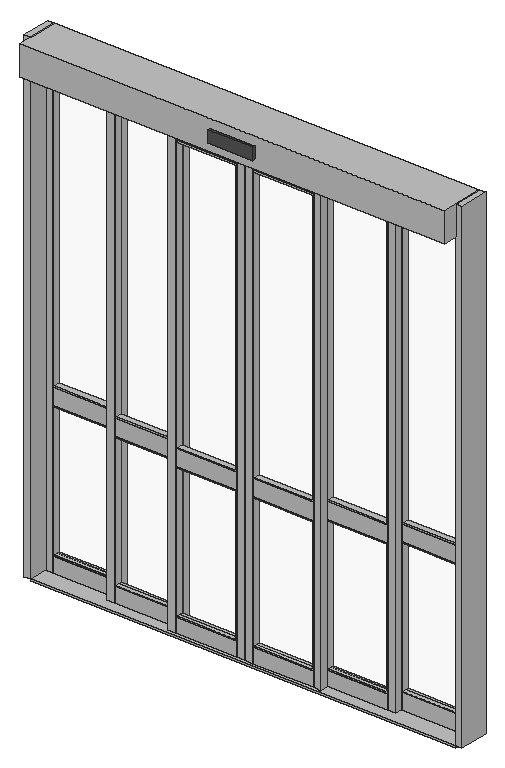
Revit family "Auto-Door_Sliding_BiPart_CurtainWall_Tormax_TX9430", category Doors, Revit 2026
Family settings
  Classification Number = 23.30.10.17.11
  Always vertical = Yes
  Cut with Voids When Loaded = No
  Shared = No
  Room Calculation Point = No
Parameters (values of type "Access Control Glass Sidelight with no Transom")
  headerdepth = if(HD Drive, 1' 1", 0' 11 5/8")  # 0' - 11 5/8"
  Water Penetration = "as Specified"
  Warranty Duration (Years) = 0
  VLT [instance] = 0
  Unit Width [instance] = 9' - 10 3/4"
  Unit Height [instance] = 11' - 0"
  URL = "http://www.tormaxusa.com/"
  U-Factor [instance] = 0
  Transom Height [instance] = 0' - 0"
  Thickness = Frame Thickness  # 0' - 8"
  Test Data = ""
  Structural Test Pressure = "N/A"
  Standards Conformance = "ANSI A156.10  ;  NFPA 101  ;  UL325  ;  C-UL"
  Specification = "http://www.arcat.com/sdspecs/htm/08463tor.htm"
  SpecWizard = ""
  Sensor Color [instance] = Metal - Tormax - Black
  Send Message = "http://www.arcat.com/users.pl?action=UserEmail&company=Tormax+Technologies,+Inc.&coid=43969&rep=108&fax=210-494-5930&mf="
  Sales Information = "http://www.tormaxusa.com/contact.php"
  SHGC [instance] = 0
  Revision = "R1_02-2014"
  ReportPackageWidth [instance] = 9' - 10.88605"
  ReportPackageHeight [instance] = 10' - 11 3/4"
  RO Width [instance] = Unit Width + (RO Spacing_Sides * 2)  # 9' - 11 1/4"
  RO Spacing_Top = 0' - 0 1/4"
  RO Spacing_Sides = 0' - 0 1/4"
  RO Height [instance] = Unit Height + (RO Spacing_Top)  # 11' - 0 1/4"
  Product Properties = ""
  Product Page URL = ""
  Product Data = "http://www.arcat.com/arcatcos/cos43/arc43969.html"
  Panel Width [instance] = (Unit Width - 0' 4 1/2" + 0' 10 1/2") / 6  # 1' - 8.79167"
  Panel Thickness = 0' - 1 3/4"  # constant formula
  Operating Temperature Range = "Ambient -30F to 130F"
  Miami Dade Conformance = "Does Not Apply"
  Max Width [instance] = 16' - 0"
  Max Height [instance] = 8' - 8"
  Include Transom = no
  Has Full Breakout Capability = yes
  HD Drive = no
  Glazing Tint [instance] = Glass - Tormax - Glazing as Specified
  Glazing Thickness_Transom [instance] = 0' - 0 1/4"
  Glazing Thickness_Sliding Panel [instance] = 0' - 0 1/4"
  Glazing Thickness_Fixed Panel [instance] = 0' - 0 1/4"
  Glazing Stop Width = 0' - 0 1/4"  # constant formula
  Frame Thickness = 0' - 8"  # constant formula
  Frame Finish [instance] = Metal - Tormax - Aluminum Finished as Specified
  Fixed Panel Material [instance] = Glass - Tormax - Glazing as Specified
  Egress Width [instance] = Unit Width - 1' 5 1/4"  # 8' - 5 1/2"
  Door Threshold [instance] = 9430BP : Recessed Threshold
  Door Stile_Operable Leaf_Wide [instance] = not(Door Stile_Operable Leaf_Narrow)  # no
  Door Stile_Operable Leaf_Narrow [instance] = yes
  Door Stile_Fixed Leaf_Wide [instance] = not(Door Stile_Fixed Leaf_Narrow)  # no
  Door Stile_Fixed Leaf_Narrow [instance] = yes
  Door Stile Width_Operable Leaf [instance] = if(Door Stile_Operable Leaf_Narrow, 0' 2 1/8", 0' 5 1/2")  # 0' - 2 1/8"
  Door Stile Width_Fixed Leaf [instance] = if(Door Stile_Fixed Leaf_Narrow, 0' 2 1/8", 0' 5 1/2")  # 0' - 2 1/8"
  Door Bottom Rail_Tall [instance] = not(Door Bottom Rail_Standard)  # no
  Door Bottom Rail_Standard [instance] = yes
  Door Bottom Rail Height [instance] = if(Door Bottom Rail_Standard, 0' 4", 0' 10")  # 0' - 4"
  Define Thermal Properties by = Schematic Type
  Clear Door Opening Width [instance] = Unit Width - 0' 4 3/8" - (Panel Width * 2) - 1' 2 1/2"  # 4' - 10.29167"
  Clear Door Opening Height [instance] = Unit Height - Transom Height - 0' 8" - 0' 2 7/8"  # 10' - 1 1/8"
  CL Adjustment Location [instance] = 0' - 0"
  Model = "TX9430AC as Specified"
  Manufacturer Website = "http://www.tormaxusa.com/"
  Manufacturer Phone - Toll Free = "888-685-3707"
  Manufacturer Phone = "210-494-3551"
  Manufacturer Fax = "210-494-5930"
  Manufacturer Address = "12859 Wetmore Rd. San Antonio, TX 78247"
  Manufacturer = "TORMAX USA Inc."
  Maintenance Schedule (Months) = 0
  Keynote = "08463"
  Installation-Fabrication = ""
  Installation Phase = ""
  Green Building-LEED = "http://www.arcat.com/green/clients/leed_data_43969.html"
  Function = Interior
  Expected Lifespan (Years) = 0
  Drawn By = "Sumex Design, Inc. / Robert S. Weygant, CSI, CDT, SCIP"
  Description = "Tormax Automatic Sliding BiPart Door - Telescoping Access Controlled TX9430AC as Specified"
  Copyright = "©Arcat Inc."
  Construction Details = "http://www.arcat.com/details/tormax/tormax.html?coid=43969"
  CAD Details = ""
  Breakout Angle [instance] = 45.00°
  Backset from Panel CL [instance] = 0' - 0"
  Available Options = "[Standard Weatherstripping][Clean Room Seals][Electric Lock][Battery Backup][Door Position Monitoring][I/O Module][Key Switch]"
  Assembly Code = "B2030110"
  Analytic Construction = "<None>"
  Air Infiltration = "N/A"
  Access Control = yes
Types (8): name | headerdepth | Transom Height | Include Transom | HD Drive | Clear Door Opening Height | Model | Description | Access Control
  HD Access Control Glass Sidelight with no Transom | 1' - 1" | 0' - 0" | no | yes | 10' - 1 1/8" | "TX9430HDAC as Specified" | "Tormax HD Automatic Sliding BiPart Door - Telescoping Access Controlled TX9430HDAC as Specified" | yes
  HD Access Control Glass Sidelight with Transom | 1' - 1" | 3' - 4" | yes | yes | 6' - 9 1/8" | "TX9430HDAC as Specified" | "Tormax HD Automatic Sliding BiPart Door - Telescoping Access Controlled TX9430HDAC as Specified" | yes
  HD Glass Sidelight with no Transom | 1' - 1" | 0' - 0" | no | yes | 10' - 1 1/8" | "TX9430HD as Specified" | "Tormax HD Automatic Sliding BiPart Door - Telescoping TX9430HD as Specified" | no
  HD Glass Sidelight with Transom | 1' - 1" | 3' - 4" | yes | yes | 6' - 9 1/8" | "TX9430HD as Specified" | "Tormax HD Automatic Sliding BiPart Door - Telescoping TX9430HD as Specified" | no
  Access Control Glass Sidelight with no Transom | 0' - 11 5/8" | 0' - 0" | no | no | 10' - 1 1/8" | "TX9430AC as Specified" | "Tormax Automatic Sliding BiPart Door - Telescoping Access Controlled TX9430AC as Specified" | yes
  Access Control Glass Sidelight with Transom | 0' - 11 5/8" | 3' - 4" | yes | no | 6' - 9 1/8" | "TX9430AC as Specified" | "Tormax Automatic Sliding BiPart Door - Telescoping Access Controlled TX9430AC as Specified" | yes
  Glass Sidelight with no Transom | 0' - 11 5/8" | 0' - 0" | no | no | 10' - 1 1/8" | "TX9430 as Specified" | "Tormax Automatic Sliding BiPart Door - Telescoping TX9430 as Specified" | no
  Glass Sidelight with Transom | 0' - 11 5/8" | 3' - 4" | yes | no | 6' - 9 1/8" | "TX9430 as Specified" | "Tormax Automatic Sliding BiPart Door - Telescoping TX9430 as Specified" | no
Reference planes (in)
  plane 1 "Center (Front/Back": y = 0
  plane 2: z = 0
  plane 3 "Center (Left/Right)": x = -2.55803
  plane 4 "Left": x = -62.25106
  plane 5 "Right": x = 57.13499
  plane 6 "Top": z = 131.75
  plane 7: y = 0
  plane 8 "Frame CL": y = 0
  plane 9: y = 4
  plane 10: y = -4
  plane 11: x = -62.00106
  plane 12: x = 56.88499
  plane 13: z = 132
  plane 14: z = 131.75
Text (in)
  text "Exterior" at (-65.12119, 31.38743, 0), in view "Plan"
Dimensions and locks (in)
  equal spacing: plane 4 "Left", plane 3 "Center (Left/Right)", plane 5 "Right"
  "CL Adjustment Location": plane 1 "Center (Front/Back" to plane 7
  "Backset from Panel CL": plane 7 to plane 8 "Frame CL"
  equal spacing: plane 9, plane 8 "Frame CL", plane 10
  locked: plane 9 to plane 10 at 8
  "RO Spacing_Sides": plane 4 "Left" to plane 11
  "RO Spacing_Sides": plane 12 to plane 5 "Right"
  "RO Spacing_Top": plane 13 to plane 6 "Top"
  "ReportPackageWidth": plane 11 to plane 12
  "ReportPackageHeight": plane 6 "Top" to level
  "Transom Height": plane 6 "Top" to plane 14
  aligned and locked: nested 1 to plane 3 "Center (Left/Right)"
Nested families (in)
  nested 1: "9430BP" at (-2.55803, 0, 66) x (-1, 0, 0) z (0, 1, 0), include transom <- "Include Transom", breakout <- "Has Full Breakout Capability", accesscontrol <- "Access Control", breakout angle <- "Breakout Angle", doodad finish <- "Sensor Color", fixed glazing thickness <- "Glazing Thickness_Fixed Panel", glazing stop width <- "Glazing Stop Width", Unit Width <- "ReportPackageWidth", Unit Height <- "ReportPackageHeight", transom glazing <- "Glazing Tint", sliding panel glazing <- "Glazing Tint", fixed panel glazing <- "Fixed Panel Material", frame finish <- "Frame Finish", transom height <- "Transom Height", transom glass thickness <- "Glazing Thickness_Transom", stile width_operable <- "Door Stile Width_Operable Leaf", stile width_fixed <- "Door Stile Width_Fixed Leaf", sliding glazing thickness <- "Glazing Thickness_Sliding Panel", bottom rail height <- "Door Bottom Rail Height", type <- "Door Threshold", headerdepth <- "headerdepth", type "Recessed Threshold"
    with twothirdwidth 3' - 3.04535", transom height 0' - 0", transom glazing Glass - Tormax - Glazing as Specified, transom glass thickness 0' - 0 1/4", stormimpact no, stile width_operable 0' - 2 1/8", stile width_fixed 0' - 2 1/8", sliding panel glazing Glass - Tormax - Glazing as Specified, sliding glazing thickness 0' - 0 1/4", panelheightb 10' - 3 3/4", panelheighta 10' - 3 7/16", panel width 1' - 8.81434", panel thickness 0' - 1 3/4", nonimpact yes, locatepanelfromright 0' - 0", locatepanelfromleft 0' - 0", include transom no, headerdepth 0' - 11 5/8", glazing stop width 0' - 0 1/4", frame finish Metal - Tormax - Aluminum Finished as Specified, fixed panel glazing Glass - Tormax - Glazing as Specified, fixed glazing thickness 0' - 0 1/4", doodad finish Metal - Tormax - Black, center rail width 0' - 4 1/2", breakout angle 45.00°, breakout yes, bottom rail height 0' - 4", air space 0' - 0 5/16", accesscontrol yes, Unit Width 9' - 10.88605", Unit Height 10' - 11 3/4"
Definition of nested family "9430BP"
  Parameters (values of type "Partial Recessed Threshold")
    twothirdwidth [instance] = ((Unit Width - 0' 1 3/4") / 6) * 2  # 3' - 3.41667"
    transom height [instance] = 3' - 4 3/16"
    transom glazing [instance] = none
    transom glass thickness [instance] = 0' - 1"
    surface threshold = yes
    stormimpact [instance] = not(nonimpact)  # no
    stile width_operable [instance] = 0' - 2 1/8"
    panelheightb [instance] = Unit Height - transom height - 0' 8" - (air space - 0' 0 5/16")  # 6' - 11 5/16"
    panelheighta [instance] = Unit Height - transom height - 0' 8" - air space  # 6' - 11"
    nonimpact [instance] = yes
    stile width_fixed [instance] = 0' - 2 1/8"
    sliding panel glazing [instance] = none
    panel width [instance] = (Unit Width - 0' 4 1/2" + 0' 10 1/2") / 6  # 1' - 9"
    panel thickness [instance] = 0' - 1 3/4"
    locatepanelfromright [instance] = 0' - 0"  # constant formula
    locatepanelfromleft [instance] = 0' - 0"  # constant formula
    include transom [instance] = yes
    sliding glazing thickness [instance] = 0' - 0 1/2"
    headerdepth [instance] = 0' - 9 3/4"
    glazing stop width [instance] = 0' - 0 1/4"
    frame finish [instance] = none
    fixed panel glazing [instance] = none
    fixed glazing thickness [instance] = 0' - 0 1/4"
    doodad finish [instance] = none
    center rail width [instance] = if(accesscontrol, 0' 4 1/2", 0' 1 3/4")  # 0' - 4 1/2"
    breakout angle [instance] = 45.00°
    breakout [instance] = yes
    bottom rail height [instance] = 0' - 4"
    air space [instance] = if(surface threshold, 0' 0 13/16", 0' 0 5/16")  # 0' - 0 13/16"
    accesscontrol [instance] = yes
    Warranty Duration (Years) = 0
    Unit Width [instance] = 10' - 0"
    Unit Height [instance] = 11' - 0"
    Unit Depth = 2' - 8"
    URL = ""
    Threshold_recessed = no
    Threshold_partial recess = yes
    Threshold_double bevel = no
    Threshold_bevel interior = no
    Threshold_bevel exterior = no
    Thickness = 0' - 2 1/8"
    Specification = ""
    SpecWizard = ""
    Send Message = ""
    Sales Information = ""
    Revision = "R1_01-2014"
    Product Properties = ""
    Product Data = ""
    Model = "As Specified"
    Manufacturer Website = ""
    Manufacturer Phone - Toll Free = ""
    Manufacturer Phone = ""
    Manufacturer Fax = ""
    Manufacturer Address = ""
    Manufacturer = ""
    Maintenance Schedule (Months) = 0
    Keynote = ""
    Installation-Fabrication = ""
    Installation Phase = ""
    Green Building-LEED = ""
    Expected Lifespan (Years) = 0
    Drawn By = "Sumex Design, Inc. / Robert S. Weygant, CSI, CDT, SCIP"
    Description = ""
    Define Thermal Properties by = 1
    Default Elevation = 0' - 0"
    Copyright = "©Arcat Inc."
    Construction Details = ""
    Assembly Code = ""
    Analytic Construction = "<None>"
  Types (6): name | twothirdwidth | surface threshold | stormimpact | panelheightb | panelheighta | nonimpact | panel width | headerdepth | air space | Unit Width | Threshold_recessed | Threshold_partial recess | Threshold_double bevel | Threshold_bevel interior | Threshold_bevel exterior
    No Threshold | 3' - 3.41667" | yes | no | 6' - 11 5/16" | 6' - 11" | yes | 1' - 9" | 0' - 9 3/4" | 0' - 0 13/16" | 10' - 0" | no | no | no | no | no
    Recessed Threshold | 2' - 3.41667" | no | yes | 6' - 11 13/16" | 6' - 11 1/2" | no | 1' - 3" | 0' - 8" | 0' - 0 5/16" | 7' - 0" | yes | no | no | no | no
    Bevel to Exterior Threshold | 2' - 3.41667" | yes | yes | 6' - 11 5/16" | 6' - 11" | no | 1' - 3" | 0' - 8" | 0' - 0 13/16" | 7' - 0" | no | no | no | no | yes
    Bevel to Interior Threshold | 2' - 3.41667" | yes | yes | 6' - 11 5/16" | 6' - 11" | no | 1' - 3" | 0' - 8" | 0' - 0 13/16" | 7' - 0" | no | no | no | yes | no
    Double Bevel Threshold | 2' - 3.41667" | yes | yes | 6' - 11 5/16" | 6' - 11" | no | 1' - 3" | 0' - 8" | 0' - 0 13/16" | 7' - 0" | no | no | yes | no | no
    Partial Recessed Threshold | 3' - 3.41667" | yes | no | 6' - 11 5/16" | 6' - 11" | yes | 1' - 9" | 0' - 9 3/4" | 0' - 0 13/16" | 10' - 0" | no | yes | no | no | no
  Reference planes (in)
    plane 1 "Center (Front/Back)": y = 0
    plane 2 "Bottom": z = 0
    plane 3 "Center (Left/Right)": x = 0
    plane 4 "FF": y = -66
    plane 5 "Top": y = 66
    plane 6 "Left": x = -60
    plane 7 "Right": x = 60
    plane 8: y = 25.8125
    plane 9: z = 0.5
    plane 10: z = -0.5
    plane 11: x = -58.25
    plane 12: x = 58.25
    plane 13: y = -65.1875
    plane 14: z = 4
    plane 15: x = 58.25
    plane 16: y = 17.8125
    plane 17: y = -65.5
    plane 18: z = -4
    plane 19: x = -37.25
    plane 20: x = 37.25
    plane 21: x = -21
    plane 22: x = 21
    plane 23: x = -29.125
    plane 24: x = 29.125
    plane 25: z = -0.5
    plane 26: z = -3.5
    plane 27: z = -1.25
    plane 28: z = 1
    plane 29: z = -5.75
    plane 30: x = -18.83333
    plane 31: x = 18.83333
  Forms (in)
    Extrusion 1, solid, material <- "frame finish"
      sketch origin (0, 0, 0) x (1, 0, 0) y (0, 0, 1)
        loop
          line (-60, -4) -> (-58.25, -4) -> (-58.25, 4) -> (-60, 4) -> (-60, -4)
        loop
          line (58.25, -4) -> (60, -4) -> (60, 4) -> (58.25, 4) -> (58.25, -4)
      from -66 to 66
    Extrusion 2, solid, material <- "frame finish", visible <- "include transom"
      sketch origin (0, 0, 0) x (0, 1, 0) y (0, 0, 1)
        loop
          line (66, 4) -> (64.1875, 4) -> (64.1875, -4) -> (66, -4) -> (66, 4)
      from -58.25 to 58.25
    Extrusion 3, solid, material <- "frame finish"
      sketch origin (0, 0, 0) x (0, 1, 0) y (0, 0, 1)
        loop
          line (25.8125, -5.75) -> (25.8125, 4) -> (17.8125, 4) -> (17.8125, -5.75) -> (25.8125, -5.75)
      from -58.25 to 58.25
    Extrusion 4, solid, material <- "transom glazing", visible <- "include transom"
      sketch origin (0, 0, 0) x (0, 1, 0) y (0, 0, 1)
        loop
          line (25.8125, -0.5) -> (64.1875, -0.5) -> (64.1875, 0.5) -> (25.8125, 0.5) -> (25.8125, -0.5)
      from -58.25 to 58.25
    Sweep 5, solid, material <- "frame finish", visible <- "include transom"
      path origin (0, 0, 0) x (1, 0, 0) y (0, 1, 0)
        loop
          line (-58.25, 64.1875) -> (-58.25, 25.8125) -> (58.25, 25.8125) -> (58.25, 64.1875) -> (-58.25, 64.1875)
      profile origin (0, 64.1875, 0) x (0, 1, 0) y (0, 0, 1)
        loop
          line (0, 0.5) -> (0, 0.5625) -> (-0.75, 0.5625) -> (-0.75, 0.5) -> (0, 0.5)
        loop
          line (0, -0.5) -> (-0.75, -0.5) -> (-0.75, -0.75) -> (0, -0.75) -> (0, -0.5)
    Extrusion 6, solid, material <- "frame finish", visible <- "Threshold_recessed"
      sketch origin (0, 0, 0) x (0, 1, 0) y (0, 0, 1)
        loop
          line (-66, 4) -> (-66.5, 4) -> (-66.5, -4) -> (-66, -4) -> (-66, 4)
      from -58.25 to 58.25
    Extrusion 7, solid, material <- "frame finish", visible <- "Threshold_bevel exterior"
      sketch origin (0, 0, 0) x (0, 1, 0) y (0, 0, 1)
        loop
          line (-66, -4) -> (-65.5, -4) -> (-65.5, 4) -> (-66, 5) -> (-66, -4)
      from -58.25 to 58.25
    Extrusion 8, solid, material <- "frame finish", visible <- "Threshold_bevel interior"
      sketch origin (0, 0, 0) x (0, 1, 0) y (0, 0, 1)
        loop
          line (-65.5, -4) -> (-65.5, 4) -> (-66, 4) -> (-66, -5) -> (-65.5, -4)
      from -58.25 to 58.25
    Extrusion 9, solid, material <- "frame finish", visible <- "Threshold_double bevel"
      sketch origin (0, 0, 0) x (0, 1, 0) y (0, 0, 1)
        loop
          line (-66, 5) -> (-66, -5) -> (-65.5, -4) -> (-65.5, 4) -> (-66, 5)
      from -58.25 to 58.25
    Extrusion 10, solid, material <- "doodad finish"
      sketch origin (0, 0, 0) x (0, 1, 0) y (0, 0, 1)
        loop
          line (23.4375, 4) -> (23.4375, 4.75) -> (20.1875, 4.75) -> (20.1875, 4) -> (23.4375, 4)
        loop
          line (23.4375, -6.5) -> (23.4375, -5.75) -> (20.1875, -5.75) -> (20.1875, -6.5) -> (23.4375, -6.5)
      from -6 to 6
    Extrusion 11, solid, material <- "frame finish", visible <- "Threshold_partial recess"
      sketch origin (0, 0, 0) x (0, 1, 0) y (0, 0, 1)
        loop
          line (-66, 4) -> (-66.5, 4) -> (-66.5, -4) -> (-66, -4) -> (-66, 4)
      from 18.83333 to 58.25
    Extrusion 12, solid, material <- "frame finish", visible <- "Threshold_partial recess"
      sketch origin (0, 0, 0) x (0, 1, 0) y (0, 0, -1)
        loop
          line (-66, -4) -> (-66, 4) -> (-66.5, 4) -> (-66.5, -4) -> (-66, -4)
      from 18.83333 to 58.25
    Extrusion 13, solid, material <- "frame finish", visible <- "include transom"
      sketch origin (0, 0, 0) x (0, 1, 0) y (0, 0, 1)
        loop
          line (25.8125, 4) -> (25.8125, -4) -> (64.1875, -4) -> (64.1875, 4) -> (25.8125, 4)
      from 0.875 to -0.875
  Cuts and joins
    joined: Extrusion 2, Extrusion 13
  Dimensions and locks (in)
    "Unit Width": plane 6 "Left" to plane 7 "Right"
    equal spacing: plane 5 "Top", plane 1 "Center (Front/Back)", plane 4 "FF"
    "Unit Height": plane 5 "Top" to plane 4 "FF"
    "transom height": plane 5 "Top" to plane 8
    locked: Extrusion 2 sketch curve to plane 5 "Top" at 1.8125
    equal spacing: plane 10, level, plane 9
    "transom glass thickness": plane 10 to plane 9
    locked: Extrusion 4 sketch curve to plane 5 "Top" at 1.8125
    locked: plane 6 "Left" to Sweep 5 sketch curve at 1.75
    locked: Sweep 5 sketch curve to plane 7 "Right" at 1.75
    locked: plane 5 "Top" to Sweep 5 sketch curve at 1.8125
    locked: plane 9 to Sweep 5 sketch curve at 0.0625
    Sweep 5 sketch curve to Sweep 5 sketch curve to plane 5 "Top" = 0' - 0 3/4" locked, 0' - 1 13/16" locked  (x2)
    locked: Sweep 5 sketch curve to plane 10 at 0.25
    locked: plane 12 to plane 7 "Right" at 1.75
    locked: plane 6 "Left" to plane 11 at 1.75
    "air space": plane 13 to plane 4 "FF"
    locked: plane 16 to plane 8 at 8
    locked: plane 14 to level at 4
    Extrusion 1 sketch curve to level to Extrusion 1 sketch curve = 0' - 4" locked, 0' - 4" locked  (x2)
    Extrusion 6 sketch curve to level to Extrusion 6 sketch curve = 0' - 4" locked, 0' - 4" locked
    locked: Extrusion 6 sketch curve to plane 4 "FF" at 0.5
    Extrusion 7 sketch curve to level to Extrusion 7 sketch curve to Extrusion 7 sketch curve = 0' - 4" locked, 0' - 4" locked, 0' - 1" locked
    Extrusion 8 sketch curve to Extrusion 8 sketch curve to level to Extrusion 8 sketch curve = 0' - 1" locked, 0' - 4" locked, 0' - 4" locked
    Extrusion 9 sketch curve to Extrusion 9 sketch curve to level to Extrusion 9 sketch curve to Extrusion 9 sketch curve = 0' - 1" locked, 0' - 4" locked, 0' - 4" locked, 0' - 1" locked
    locked: plane 4 "FF" to Extrusion 9 sketch curve at 0.5
    locked: plane 4 "FF" to Extrusion 7 sketch curve at 0.5
    locked: plane 4 "FF" to Extrusion 8 sketch curve at 0.5
    locked: plane 16 to Extrusion 10 sketch curve at 2.375  (x2)
    locked: Extrusion 10 sketch curve to plane 8 at 2.375  (x2)
    locked: plane 12 to plane 15
    locked: level to plane 18 at 4
    locked: plane 13 to plane 17 at 0.3125
    "panel width": plane 11 to plane 19
    "panel width": plane 15 to plane 20
    equal spacing: plane 7 "Right", plane 3 "Center (Left/Right)", plane 6 "Left"
    "panel width": plane 3 "Center (Left/Right)" to plane 21
    "panel width": plane 22 to plane 3 "Center (Left/Right)"
    equal spacing: plane 21, plane 23, plane 19
    equal spacing: plane 20, plane 24, plane 22
    locked: plane 26 to plane 18 at 0.5
    locked: plane 27 to plane 18 at 2.75
    locked: plane 28 to plane 18 at 5
    "headerdepth": plane 14 to plane 29
    locked: Extrusion 10 sketch curve to plane 14 at 0.75
    locked: plane 29 to Extrusion 10 sketch curve at 0.75
    "twothirdwidth": plane 15 to plane 31
    "twothirdwidth": plane 11 to plane 30
    Extrusion 11 sketch curve to level to Extrusion 11 sketch curve = 0' - 4" locked, 0' - 4" locked
    locked: Extrusion 11 sketch curve to plane 4 "FF" at 0.5
    Extrusion 12 sketch curve to level to Extrusion 12 sketch curve = 0' - 4" locked, 0' - 4" locked
    locked: Extrusion 12 sketch curve to plane 4 "FF" at 0.5
    locked: Extrusion 13 sketch curve to plane 5 "Top" at 1.8125
    aligned and locked: Extrusion 1 to plane 5 "Top"
    aligned and locked: Extrusion 1 to plane 4 "FF"
    aligned and locked: plane 5 "Top" to Extrusion 2 sketch curve
    aligned and locked: plane 8 to Extrusion 4 sketch curve
    aligned and locked: Sweep 5 sketch curve to plane 8
    aligned and locked: plane 9 to Sweep 5 sketch curve
    aligned and locked: plane 10 to Sweep 5 sketch curve
    aligned and locked: plane 11 to Extrusion 1 sketch curve
    aligned and locked: plane 12 to Extrusion 1 sketch curve
    aligned and locked: Extrusion 1 sketch curve to plane 7 "Right"
    aligned and locked: plane 6 "Left" to Extrusion 1 sketch curve
    aligned and locked: Extrusion 2 to plane 11
    aligned and locked: Extrusion 4 to plane 11
    aligned and locked: plane 12 to Extrusion 4
    aligned and locked: plane 12 to Extrusion 2
    aligned and locked: plane 12 to Extrusion 3
    aligned and locked: Extrusion 3 to plane 11
    aligned and locked: plane 4 "FF" to Extrusion 6 sketch curve
    aligned and locked: Extrusion 9 sketch curve to plane 4 "FF"
    aligned and locked: plane 4 "FF" to Extrusion 7 sketch curve
    aligned and locked: plane 4 "FF" to Extrusion 8 sketch curve
    aligned and locked: plane 15 to Extrusion 7
    aligned and locked: plane 15 to Extrusion 9
    aligned and locked: plane 15 to Extrusion 8
    aligned and locked: plane 15 to Extrusion 6
    aligned and locked: plane 11 to Extrusion 9
    aligned and locked: plane 11 to Extrusion 7
    aligned and locked: plane 11 to Extrusion 8
    aligned and locked: plane 11 to Extrusion 6
    aligned and locked: nested 2 to plane 13
    aligned and locked: plane 13 to nested 1
    aligned and locked: nested 3 to plane 17
    aligned: plane 15 to nested 3
    aligned and locked: nested 1 to plane 3 "Center (Left/Right)"
    aligned and locked: nested 2 to plane 3 "Center (Left/Right)"
    aligned and locked: plane 16 to Extrusion 3 sketch curve
    aligned: plane 25 to nested 4
    aligned and locked: plane 23 to nested 4
    aligned and locked: plane 24 to nested 5
    aligned: nested 5 to plane 25
    aligned and locked: nested 5 to plane 13
    aligned and locked: nested 4 to plane 13
    aligned and locked: plane 15 to nested 3
    aligned and locked: nested 6 to plane 11
    aligned and locked: nested 6 to plane 17
    aligned and locked: plane 28 to nested 6
    aligned and locked: plane 26 to nested 2
    aligned and locked: nested 1 to plane 26
    aligned and locked: plane 27 to nested 4
    aligned and locked: nested 5 to plane 27
    aligned and locked: nested 3 to plane 28
    aligned and locked: plane 14 to Extrusion 3 sketch curve
    aligned and locked: plane 14 to Extrusion 10 sketch curve
    aligned and locked: Extrusion 10 sketch curve to plane 29
    aligned and locked: plane 4 "FF" to Extrusion 11 sketch curve
    aligned and locked: plane 12 to Extrusion 11
    aligned and locked: Extrusion 11 to plane 31
    aligned and locked: plane 4 "FF" to Extrusion 12 sketch curve
    aligned and locked: plane 8 to Extrusion 13 sketch curve
    aligned and locked: Extrusion 13 sketch curve to plane 18
  Automatic sketch dimensions
    plane 18 to Extrusion 2 sketch curve = 0' - 0"
    Extrusion 2 sketch curve to plane 14 = 0' - 0"
    Extrusion 3 sketch curve to plane 8 = 0' - 0"
    Extrusion 3 sketch curve to plane 29 = 0' - 0"
    plane 10 to Extrusion 4 sketch curve = 0' - 0"
    plane 9 to Extrusion 4 sketch curve = 0' - 0"
    Extrusion 13 sketch curve to plane 14 = 0' - 0"
  Nested families (in)
    nested 1: "FramedPanelC" at (10.5, -23.6875, -2.625), stilewidth <- "stile width_operable", glazing thickness <- "sliding glazing thickness", glassstopwidth <- "glazing stop width", bottomrailheight <- "bottom rail height", Width <- "panel width", breakout angle <- "breakout angle", nonimpact <- "nonimpact", stormimpact <- "stormimpact", frame finish <- "frame finish", fixed panel glazing <- "sliding panel glazing", Height <- "panelheighta", doodad <- "doodad finish", centerrailwidth <- "center rail width", type "FramedPanelC"
      with stormimpact no, stilewidth 0' - 2 1/8", rightchannel no, nonimpact yes, mainbreakout no, leftchannel no, glazing thickness 0' - 0 1/2", glassstopwidth 0' - 0 1/4", fullbreakout no, frame finish none, fixed panel glazing none, doodad none, directionalarrowinterior yes, directionalarrowexterior no, centerrailwidth 0' - 4 1/2", breakoutswing_plan yes, breakoutswing yes, breakout angle 45.00°, bottomrailheightactual 0' - 4", bottomrailheight 0' - 4", airspaceunderdoor 0' - 0", built-in parameter 1001301 1' - 9", built-in parameter 1001300 6' - 11"
    nested 2: "FramedPanelC" at (-10.5, -23.6875, -2.625) x (-1, 0, 0) z (0, 0, 1), stilewidth <- "stile width_operable", glazing thickness <- "sliding glazing thickness", glassstopwidth <- "glazing stop width", bottomrailheight <- "bottom rail height", Width <- "panel width", breakout angle <- "breakout angle", nonimpact <- "nonimpact", stormimpact <- "stormimpact", frame finish <- "frame finish", fixed panel glazing <- "sliding panel glazing", Height <- "panelheighta", doodad <- "doodad finish", centerrailwidth <- "center rail width", type "FramedPanelC"
      with stormimpact no, stilewidth 0' - 2 1/8", rightchannel no, nonimpact yes, mainbreakout no, leftchannel no, glazing thickness 0' - 0 1/2", glassstopwidth 0' - 0 1/4", fullbreakout no, frame finish none, fixed panel glazing none, doodad none, directionalarrowinterior yes, directionalarrowexterior no, centerrailwidth 0' - 4 1/2", breakoutswing_plan yes, breakoutswing yes, breakout angle 45.00°, bottomrailheightactual 0' - 4", bottomrailheight 0' - 4", airspaceunderdoor 0' - 0", built-in parameter 1001301 1' - 9", built-in parameter 1001300 6' - 11"
    nested 3: "FramedPanelC" at (47.75, -23.84375, 1.875), bottomrailheight <- "bottom rail height", stilewidth <- "stile width_fixed", glazing thickness <- "fixed glazing thickness", glassstopwidth <- "glazing stop width", Width <- "panel width", nonimpact <- "nonimpact", stormimpact <- "stormimpact", frame finish <- "frame finish", fixed panel glazing <- "fixed panel glazing", Height <- "panelheightb", doodad <- "doodad finish", centerrailwidth <- "center rail width", type "FramedPanelC"
      with stormimpact no, stilewidth 0' - 2 1/8", rightchannel no, nonimpact yes, mainbreakout yes, leftchannel yes, glazing thickness 0' - 0 1/4", glassstopwidth 0' - 0 1/4", fullbreakout yes, frame finish none, fixed panel glazing none, doodad none, directionalarrowinterior no, directionalarrowexterior no, centerrailwidth 0' - 4 1/2", breakoutswing_plan yes, breakoutswing yes, breakout angle 45.00°, bottomrailheightactual 0' - 4 5/16", bottomrailheight 0' - 4", airspaceunderdoor 0' - 0 5/16", built-in parameter 1001301 1' - 9", built-in parameter 1001300 6' - 11 5/16"
    nested 4: "FramedPanelC" at (-29.125, -23.6875, -0.375) x (-1, 0, 0) z (0, 0, 1), stilewidth <- "stile width_operable", glazing thickness <- "sliding glazing thickness", glassstopwidth <- "glazing stop width", bottomrailheight <- "bottom rail height", Width <- "panel width", breakout angle <- "breakout angle", nonimpact <- "nonimpact", stormimpact <- "stormimpact", frame finish <- "frame finish", fixed panel glazing <- "sliding panel glazing", Height <- "panelheighta", doodad <- "doodad finish", centerrailwidth <- "center rail width", type "FramedPanelC"
      with stormimpact no, stilewidth 0' - 2 1/8", rightchannel no, nonimpact yes, mainbreakout no, leftchannel yes, glazing thickness 0' - 0 1/2", glassstopwidth 0' - 0 1/4", fullbreakout no, frame finish none, fixed panel glazing none, doodad none, directionalarrowinterior yes, directionalarrowexterior no, centerrailwidth 0' - 4 1/2", breakoutswing_plan yes, breakoutswing yes, breakout angle 45.00°, bottomrailheightactual 0' - 4", bottomrailheight 0' - 4", airspaceunderdoor 0' - 0", built-in parameter 1001301 1' - 9", built-in parameter 1001300 6' - 11"
    nested 5: "FramedPanelC" at (29.125, -23.6875, -0.375), stilewidth <- "stile width_operable", glazing thickness <- "sliding glazing thickness", glassstopwidth <- "glazing stop width", bottomrailheight <- "bottom rail height", Width <- "panel width", breakout angle <- "breakout angle", nonimpact <- "nonimpact", stormimpact <- "stormimpact", frame finish <- "frame finish", fixed panel glazing <- "sliding panel glazing", Height <- "panelheighta", doodad <- "doodad finish", centerrailwidth <- "center rail width", type "FramedPanelC"
      with stormimpact no, stilewidth 0' - 2 1/8", rightchannel no, nonimpact yes, mainbreakout no, leftchannel yes, glazing thickness 0' - 0 1/2", glassstopwidth 0' - 0 1/4", fullbreakout no, frame finish none, fixed panel glazing none, doodad none, directionalarrowinterior yes, directionalarrowexterior no, centerrailwidth 0' - 4 1/2", breakoutswing_plan yes, breakoutswing yes, breakout angle 45.00°, bottomrailheightactual 0' - 4", bottomrailheight 0' - 4", airspaceunderdoor 0' - 0", built-in parameter 1001301 1' - 9", built-in parameter 1001300 6' - 11"
    nested 6: "FramedPanelC" at (-47.75, -23.84375, 1.875) x (-1, 0, 0) z (0, 0, 1), bottomrailheight <- "bottom rail height", stilewidth <- "stile width_fixed", glazing thickness <- "fixed glazing thickness", glassstopwidth <- "glazing stop width", Width <- "panel width", nonimpact <- "nonimpact", stormimpact <- "stormimpact", frame finish <- "frame finish", fixed panel glazing <- "fixed panel glazing", Height <- "panelheightb", doodad <- "doodad finish", centerrailwidth <- "center rail width", type "FramedPanelC"
      with stormimpact no, stilewidth 0' - 2 1/8", rightchannel no, nonimpact yes, mainbreakout yes, leftchannel yes, glazing thickness 0' - 0 1/4", glassstopwidth 0' - 0 1/4", fullbreakout yes, frame finish none, fixed panel glazing none, doodad none, directionalarrowinterior no, directionalarrowexterior no, centerrailwidth 0' - 4 1/2", breakoutswing_plan yes, breakoutswing yes, breakout angle 45.00°, bottomrailheightactual 0' - 4 5/16", bottomrailheight 0' - 4", airspaceunderdoor 0' - 0 5/16", built-in parameter 1001301 1' - 9", built-in parameter 1001300 6' - 11 5/16"
  Definition of nested family "FramedPanelC"
    Parameters (values of type "FramedPanelC")
      stormimpact [instance] = yes
      stilewidth [instance] = 0' - 2 3/16"
      rightchannel [instance] = yes
      mainbreakout [instance] = yes
      nonimpact [instance] = no
      leftchannel [instance] = yes
      glazing thickness [instance] = 0' - 0 3/4"
      glassstopwidth [instance] = 0' - 0 1/4"
      fullbreakout [instance] = yes
      frame finish [instance] = none
      fixed panel glazing [instance] = none
      doodad [instance] = none
      directionalarrowinterior [instance] = yes
      directionalarrowexterior [instance] = yes
      centerrailwidth [instance] = 0' - 4 1/2"
      breakoutswing_plan [instance] = yes
      breakoutswing [instance] = yes
      breakout angle [instance] = 45.00°
      bottomrailheightactual [instance] = bottomrailheight + airspaceunderdoor  # 0' - 6 1/2"
      bottomrailheight [instance] = 0' - 6"
      airspaceunderdoor [instance] = 0' - 0 1/2"
      Width [instance] = 2' - 8"
      Warranty Duration (Years) = 0
      URL = ""
      Specification = ""
      SpecWizard = ""
      Send Message = ""
      Sales Information = ""
      Revision = "R1_01-2014"
      Product Properties = ""
      Product Data = ""
      Model = "As Specified"
      Manufacturer Website = ""
      Manufacturer Phone - Toll Free = ""
      Manufacturer Phone = ""
      Manufacturer Fax = ""
      Manufacturer Address = ""
      Manufacturer = ""
      Maintenance Schedule (Months) = 0
      Keynote = ""
      Installation-Fabrication = ""
      Installation Phase = ""
      Height [instance] = 6' - 0"
      Green Building-LEED = ""
      Expected Lifespan (Years) = 0
      Drawn By = "Sumex Design, Inc. / Robert S. Weygant, CSI, CDT, SCIP"
      Description = ""
      Define Thermal Properties by = 1
      Default Elevation = 0' - 0"
      Copyright = "©Arcat Inc."
      Construction Details = ""
      Assembly Code = ""
      Analytic Construction = "<None>"
    Reference planes (in)
      plane 1 "Center (Front/Back)": y = 0
      plane 2 "Bottom": z = 0
      plane 3 "Center (Left/Right)": x = 0
      plane 4 "Front": y = -36
      plane 5 "Back": y = 36
      plane 6 "Left": x = -16
      plane 7 "Right": x = 16
      plane 8 "Side1": z = 0.875
      plane 9: z = -0.875
      plane 10: z = 0.375
      plane 11: z = -0.375
      plane 12: y = -29.5
      plane 13: y = -29.25
      plane 14: x = -13.8125
      plane 15: y = 32.5
      plane 16: y = 7.25
      plane 17: y = 9.5
      plane 18: y = 5
      plane 19: y = 9.75
      plane 20: y = 4.75
      plane 21: x = -13.5625
      plane 22: x = 13.8125
      plane 23: y = 32.25
      plane 24: y = -35.5
      plane 25: y = 0.25
      plane 26: x = 13.5625
    Forms (in)
      Extrusion 1, solid, material <- "frame finish"
        sketch origin (-14.75, 57.80249, -0.875) x (1, 0, 0) y (0, 1, 0)
          loop
            line (30.75, -21.80249) -> (28.5625, -21.80249) -> (28.5625, -93.80249) -> (30.75, -93.80249) -> (30.75, -21.80249)
          loop
            line (-1.25, -21.80249) -> (-1.25, -93.80249) -> (0.9375, -93.80249) -> (0.9375, -21.80249) -> (-1.25, -21.80249)
        from 0 to 1.75
      Extrusion 2, solid, material <- "frame finish"
        sketch origin (-14.75, 57.80249, -0.875) x (1, 0, 0) y (0, 1, 0)
          loop
            line (0.9375, -21.80249) -> (0.9375, -25.30249) -> (28.5625, -25.30249) -> (28.5625, -21.80249) -> (0.9375, -21.80249)
        from 0 to 1.75
      Extrusion 3, solid, material <- "frame finish", visible <- "nonimpact"
        sketch origin (-14.75, 57.80249, -0.875) x (1, 0, 0) y (0, 1, 0)
          loop
            line (0.9375, -48.30249) -> (0.9375, -52.80249) -> (28.5625, -52.80249) -> (28.5625, -48.30249) -> (0.9375, -48.30249)
        from 0 to 1.75
      Extrusion 4, solid, material <- "frame finish"
        sketch origin (-14.75, 57.80249, -0.875) x (1, 0, 0) y (0, 1, 0)
          loop
            line (28.5625, -87.30249) -> (0.9375, -87.30249) -> (0.9375, -93.80249) -> (28.5625, -93.80249) -> (28.5625, -87.30249)
        from 0 to 1.75
      Extrusion 5, solid, material <- "frame finish", visible <- "nonimpact"
        sketch origin (-14.75, 57.80249, -0.875) x (1, 0, 0) y (0, 1, 0)
          loop
            line (0.9375, -25.30249) -> (0.9375, -48.30249) -> (28.5625, -48.30249) -> (28.5625, -25.30249) -> (0.9375, -25.30249)
          loop
            line (1.1875, -48.05249) -> (28.3125, -48.05249) -> (28.3125, -25.55249) -> (1.1875, -25.55249) -> (1.1875, -48.05249)
        from 0 to 1.75
      Extrusion 6, solid, material <- "frame finish", visible <- "nonimpact"
        sketch origin (-14.75, 57.80249, -0.875) x (1, 0, 0) y (0, 1, 0)
          loop
            line (0.9375, -52.80249) -> (0.9375, -87.30249) -> (28.5625, -87.30249) -> (28.5625, -52.80249) -> (28.3125, -52.80249) -> (28.3125, -87.05249) -> (1.1875, -87.05249) -> (1.1875, -52.80249) -> (0.9375, -52.80249)
        from 0 to 1.75
      Extrusion 7, solid, material <- "frame finish", visible <- "nonimpact"
        sketch origin (-14.75, 57.80249, -0.875) x (1, 0, 0) y (0, 1, 0)
          loop
            line (1.1875, -52.80249) -> (1.1875, -53.05249) -> (28.3125, -53.05249) -> (28.3125, -52.80249) -> (1.1875, -52.80249)
        from 0 to 1.75
      Extrusion 8, solid, material <- "frame finish", visible <- "stormimpact"
        sketch origin (-14.75, 57.80249, -0.875) x (1, 0, 0) y (0, 1, 0)
          loop
            line (0.9375, -25.30249) -> (0.9375, -87.30249) -> (28.5625, -87.30249) -> (28.5625, -25.30249) -> (28.3125, -25.30249) -> (28.3125, -87.05249) -> (1.1875, -87.05249) -> (1.1875, -25.30249) -> (0.9375, -25.30249)
        from 0 to 1.75
      Extrusion 9, solid, material <- "frame finish", visible <- "stormimpact"
        sketch origin (-14.75, 57.80249, -0.875) x (1, 0, 0) y (0, 1, 0)
          loop
            line (1.1875, -25.30249) -> (1.1875, -25.55249) -> (28.3125, -25.55249) -> (28.3125, -25.30249) -> (1.1875, -25.30249)
        from 0 to 1.75
      Extrusion 10, solid, material <- "fixed panel glazing"
        sketch origin (-14.75, 57.80249, -0.875) x (1, 0, 0) y (0, 1, 0)
          loop
            line (1.1875, -25.55249) -> (1.1875, -87.05249) -> (28.3125, -87.05249) -> (28.3125, -25.55249) -> (1.1875, -25.55249)
        from 0.5 to 1.25
      Extrusion 11, solid, material <- "doodad", visible <- "rightchannel"
        sketch origin (0, 0, 0) x (1, 0, 0) y (0, 0, 1)
          loop
            line (15.15625, -0.875) -> (14.65625, -0.875) -> (14.65625, -1.375) -> (15.15625, -1.375) -> (15.15625, -0.875)
        from -36 to 36
      Extrusion 12, solid, material <- "doodad", visible <- "leftchannel"
        sketch origin (-29.75, 0, 0) x (1, 0, 0) y (0, 0, 1)
          loop
            line (15.09375, -0.875) -> (14.59375, -0.875) -> (14.59375, -1.375) -> (15.09375, -1.375) -> (15.09375, -0.875)
        from -36 to 36
    Lines and regions (in)
      Masking region 1, visible <- "directionalarrowexterior"
        outline origin (0, 0, 0) x (1, 0, 0) y (0, 0, 1)
          loop
            line (-2.23256, 3.10174) -> (2.23256, 3.10174) -> (2.23256, 2.125) -> (3.76744, 3.65988) -> (2.23256, 5.19477) -> (2.23256, 4.21802) -> (-2.23256, 4.21802) -> (-2.23256, 3.10174)
      Masking region 2, visible <- "directionalarrowinterior"
        outline origin (0, 0, -9.75) x (1, 0, 0) y (0, 0, 1)
          loop
            line (-2.23256, 5.53198) -> (2.23256, 5.53198) -> (2.23256, 4.55523) -> (3.76744, 6.09012) -> (2.23256, 7.625) -> (2.23256, 6.64826) -> (-2.23256, 6.64826) -> (-2.23256, 5.53198)
      symbolic lines, visible <- "breakoutswing"
        curve 1: line (-16, 36, 0) -> (16, 0.25, 0)
        curve 2: line (16, 0.25, 0) -> (-16, -35.5, 0)
      model lines, visible <- "breakoutswing_plan"
        curve 3: arc (-16, -36, 0.875) -> (-13.56415, -36, 13.12087) -> (-6.62742, -36, 23.50242) r 32
        curve 4: line (16, -36, 0.875) -> (-6.62742, -36, 23.50242)
      reference lines
        curve 5: line (16, 0, 0.875) -> (7.51472, 0, 9.36028)
      symbolic lines, visible <- "mainbreakout"
        curve 6: line (-6.62742, 0, 23.50242) -> (-7.86485, 0, 22.26498)
        curve 7: line (-7.86485, 0, 22.26498) -> (14.76256, 0, -0.36244)
        curve 8: line (16, 0, 0.875) -> (14.76256, 0, -0.36244)
      symbolic lines, visible <- "fullbreakout"
        curve 9: line (-6.80419, 0, 20.14366) -> (-8.04163, 0, 18.90622)
        curve 10: line (-8.04163, 0, 18.90622) -> (14.58579, 0, -3.72119)
        curve 11: line (-6.80419, 0, 20.14366) -> (15.82322, 0, -2.48376)
        curve 12: line (15.82322, 0, -2.48376) -> (14.58579, 0, -3.72119)
        curve 13: line (-6.98097, 0, 16.7849) -> (-8.21841, 0, 15.54747)
        curve 14: line (-8.21841, 0, 15.54747) -> (14.40901, 0, -7.07995)
        curve 15: line (-6.98097, 0, 16.7849) -> (15.64645, 0, -5.84251)
        curve 16: line (15.64645, 0, -5.84251) -> (14.40901, 0, -7.07995)
    Dimensions and locks (in)
      equal spacing: plane 6 "Left", plane 3 "Center (Left/Right)", plane 7 "Right"
      "Width": plane 6 "Left" to plane 7 "Right"
      equal spacing: plane 5 "Back", plane 1 "Center (Front/Back)", plane 4 "Front"
      "Height": plane 5 "Back" to plane 4 "Front"
      locked: plane 8 "Side1" to level at 0.875
      locked: level to plane 9 at 0.875
      equal spacing: plane 10, level, plane 11
      "glazing thickness": plane 10 to plane 11
      "bottomrailheight": plane 12 to plane 24
      "glassstopwidth": plane 13 to plane 12
      "stilewidth": plane 6 "Left" to plane 14
      locked: plane 5 "Back" to plane 15 at 3.5
      locked: plane 16 to plane 24 at 42.75
      equal spacing: plane 17, plane 16, plane 18
      "glassstopwidth": plane 19 to plane 17
      "glassstopwidth": plane 18 to plane 20
      "glassstopwidth": plane 14 to plane 21
      "stilewidth": plane 22 to plane 7 "Right"
      "glassstopwidth": plane 15 to plane 23
      "airspaceunderdoor": plane 24 to plane 4 "Front"
      equal spacing: plane 5 "Back", plane 25, plane 24
      "glassstopwidth": plane 26 to plane 22
      "Width": curve 6 to curve 8
      "bottomrailheightactual": plane 12 to Extrusion 4 sketch curve
      "bottomrailheightactual": plane 12 to Extrusion 1 sketch curve  (x2)
      Masking region 1 sketch curve to Masking region 1 sketch curve to Masking region 1 sketch curve to plane 3 "Center (Left/Right)" to Masking region 1 sketch curve = 0' - 1.53488" locked, 0' - 0" locked, 0' - 2.23256" locked, 0' - 2.23256" locked
      Masking region 2 sketch curve to Masking region 2 sketch curve to Masking region 2 sketch curve to plane 3 "Center (Left/Right)" to Masking region 2 sketch curve = 0' - 1.53488" locked, 0' - 0" locked, 0' - 2.23256" locked, 0' - 2.23256" locked
      locked: curve 6 to curve 9 at 2.25
      "Width": curve 9 to curve 12
      curve 5 to curve 11 to curve 10 = 0' - 2 1/2" locked, 0' - 1 3/4" locked
      "centerrailwidth": plane 17 to plane 18
      plane 14 to Extrusion 12 sketch curve to Extrusion 12 sketch curve = 0' - 0 27/32" locked, 0' - 0 1/2" locked
      curve 5 to curve 15 to curve 14 = 0' - 5" locked, 0' - 1 3/4" locked
      locked: curve 6 to curve 13 at 4.5
      "Width": curve 13 to curve 16
      "Width": radius of curve 3
      "breakout angle": angle curve 4 to plane 8 "Side1"
      "breakout angle": angle curve 5 to plane 8 "Side1"
      aligned: Extrusion 4 to plane 4 "Front"
      aligned and locked: plane 12 to Extrusion 4
      aligned and locked: Extrusion 8 to plane 12
      aligned and locked: plane 13 to Extrusion 8
      aligned and locked: Extrusion 6 to plane 12
      aligned and locked: plane 13 to Extrusion 6
      aligned and locked: Extrusion 10 to plane 13
      aligned and locked: plane 6 "Left" to Extrusion 1 sketch curve
      aligned and locked: Extrusion 1 sketch curve to plane 14
      aligned and locked: plane 7 "Right" to Extrusion 1 sketch curve
      aligned and locked: Extrusion 8 sketch curve to plane 21
      aligned and locked: Extrusion 8 sketch curve to plane 14
      aligned and locked: plane 22 to Extrusion 8 sketch curve
      aligned and locked: plane 15 to Extrusion 8 sketch curve  (x2)
      aligned and locked: plane 21 to Extrusion 7 sketch curve
      aligned and locked: Extrusion 7 sketch curve to plane 20
      aligned and locked: plane 18 to Extrusion 7 sketch curve
      aligned and locked: plane 18 to Extrusion 6 sketch curve  (x2)
      aligned and locked: Extrusion 6 sketch curve to plane 14
      aligned and locked: Extrusion 6 sketch curve to plane 21
      aligned and locked: plane 22 to Extrusion 6 sketch curve
      aligned and locked: Extrusion 6 sketch curve to plane 12
      aligned and locked: plane 13 to Extrusion 6 sketch curve
      aligned and locked: plane 18 to Extrusion 3 sketch curve
      aligned and locked: Extrusion 3 sketch curve to plane 17
      aligned and locked: plane 14 to Extrusion 3 sketch curve
      aligned and locked: plane 17 to Extrusion 5 sketch curve
      aligned and locked: Extrusion 5 sketch curve to plane 19
      aligned and locked: plane 14 to Extrusion 5 sketch curve
      aligned and locked: plane 21 to Extrusion 5 sketch curve
      aligned and locked: Extrusion 5 sketch curve to plane 15
      aligned and locked: plane 23 to Extrusion 5 sketch curve
      aligned and locked: Extrusion 2 sketch curve to plane 15
      aligned and locked: Extrusion 2 sketch curve to plane 14
      aligned and locked: plane 5 "Back" to Extrusion 2 sketch curve
      aligned and locked: Extrusion 9 sketch curve to plane 23
      aligned and locked: plane 15 to Extrusion 9 sketch curve
      aligned and locked: plane 21 to Extrusion 9 sketch curve
      aligned and locked: Extrusion 1 sketch curve to plane 5 "Back"  (x2)
      aligned: plane 7 "Right" to Extrusion 4
      aligned and locked: Extrusion 10 sketch curve to plane 21
      aligned and locked: Extrusion 10 sketch curve to plane 23
      aligned and locked: plane 13 to Extrusion 10 sketch curve
      aligned and locked: Extrusion 4 sketch curve to plane 14
      aligned and locked: plane 12 to Extrusion 4 sketch curve
      aligned and locked: plane 24 to curve 2
      aligned and locked: plane 6 "Left" to curve 2
      aligned and locked: plane 5 "Back" to curve 1
      aligned and locked: plane 6 "Left" to curve 1
      aligned and locked: plane 10 to Extrusion 10
      aligned and locked: Extrusion 10 to plane 11
      aligned and locked: plane 8 "Side1" to Extrusion 1
      aligned and locked: Extrusion 1 to plane 9
      aligned and locked: plane 8 "Side1" to Extrusion 4
      aligned and locked: Extrusion 4 to plane 9
      aligned and locked: plane 8 "Side1" to curve 4
      aligned and locked: plane 8 "Side1" to curve 3
      aligned and locked: plane 26 to Extrusion 9 sketch curve
      aligned and locked: plane 26 to Extrusion 5 sketch curve
      aligned and locked: plane 22 to Extrusion 5 sketch curve
      aligned and locked: Extrusion 10 sketch curve to plane 26
      aligned and locked: Extrusion 2 sketch curve to plane 22
      aligned and locked: plane 26 to Extrusion 8 sketch curve
      aligned and locked: plane 7 "Right" to curve 3
      aligned and locked: plane 7 "Right" to curve 4
      aligned and locked: plane 22 to Extrusion 3 sketch curve
      aligned and locked: plane 26 to Extrusion 6 sketch curve
      aligned and locked: plane 26 to Extrusion 7 sketch curve
      aligned and locked: plane 22 to Extrusion 1 sketch curve
      aligned and locked: Extrusion 4 sketch curve to plane 22
      aligned and locked: plane 25 to curve 1
      aligned and locked: plane 7 "Right" to curve 2
      aligned and locked: plane 7 "Right" to curve 5
      aligned and locked: plane 8 "Side1" to curve 5
      aligned and locked: plane 5 "Back" to Extrusion 11
      aligned and locked: Extrusion 11 to plane 4 "Front"
      aligned and locked: Extrusion 12 to plane 4 "Front"
      aligned and locked: plane 5 "Back" to Extrusion 12
    Automatic sketch dimensions
      Extrusion 8 sketch curve to plane 12 = 0' - 0"
      Extrusion 8 sketch curve to plane 13 = 0' - 0"
      plane 8 "Side1" to Masking region 1 sketch curve = 0' - 1 1/4"
      plane 8 "Side1" to Masking region 1 sketch curve = 0' - 2.22674"
      Masking region 1 sketch curve to Masking region 1 sketch curve = 0' - 0.55814"
      Masking region 1 sketch curve to Masking region 1 sketch curve = 0' - 0.97674"
      Masking region 2 sketch curve to plane 9 = 0' - 4.31977"
      Masking region 2 sketch curve to plane 9 = 0' - 3.34302"
      Masking region 2 sketch curve to Masking region 2 sketch curve = 0' - 0.55814"
      Masking region 2 sketch curve to Masking region 2 sketch curve = 0' - 0.97674"
      Extrusion 11 sketch curve to plane 9 = 0' - 0"
      Extrusion 11 sketch curve to plane 22 = 0' - 0 27/32"
      Extrusion 11 sketch curve to Extrusion 11 sketch curve = 0' - 0 1/2"
      Extrusion 11 sketch curve to plane 9 = 0' - 0 1/2"
      Extrusion 12 sketch curve to plane 9 = 0' - 0"
      Extrusion 12 sketch curve to plane 9 = 0' - 0 1/2"
      curve 5 to curve 7 = 0' - 0"
      curve 8 to curve 5 = 0' - 0"
      curve 6 to curve 5 = 0' - 0"
      curve 5 to curve 7 = 0' - 1 3/4"
